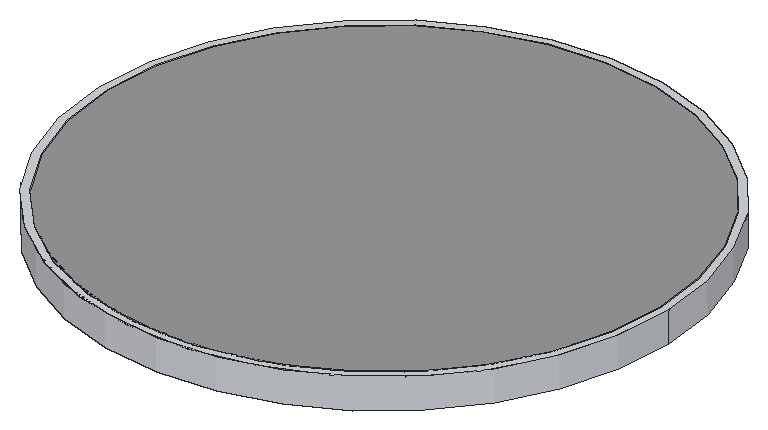
Revit family "2071281", category Lighting Fixtures, host Face, Revit 2018
Family settings
  Host = Face
  Round Connector Dimension = Use Diameter
  Part Type = Junction Box
  OmniClass Number = 23.80.70.00
  OmniClass Title = Lighting
  Cut with Voids When Loaded = No
  Light Source = Yes
  Shared = No
  Room Calculation Point = No
Parameters (values of type "2071281 COLOSSAL 1200 830 OP DIR WHT DALI")
  iner diameter = 1168 mm
  Weight = "n/a"
  Wattage Comments = ""
  Wattage = 30 W
  WarrantyStartDate [instance] = "n/a"
  WarrantyGuarantorParts = "n/a"
  WarrantyDurationUnit = "n/a"
  WarrantyDurationParts = ""
  WarrantyDescription = "http://www.sylvania-lighting.com"
  built-in parameter 1150110 = 1 (stored number, unit not read)
  Voltage = 230 V
  URL = "0.95"
  TypeName = "COLOSSAL 1200mm 830 OPAL DIR WHITE DALI"
  Type Image = <None>
  Type Comments = "n/a"
  built-in parameter 1114217 = 1 (stored number, unit not read)
  Tilt Angle = -90.00°
  built-in parameter 1150109 = 1 (stored number, unit not read)
  built-in parameter 1150134 = (empty or 0)
  built-in parameter 1150113 = 1 (stored number, unit not read)
  SerialNumber [instance] = "n/a"
  Photometric Web File = "2071281.ies"
  Material_3_SYL = LED-Sylvania
  PowerFactor = 0
  PowerConsumption = "Lighting"
  NominalLength = 1168 mm
  NominalHeight = 93 mm
  NominalDepth = 1168 mm
  Name = "COLOSSAL 1200mm 830 OPAL DIR WHITE DALI"
  ModelReference = Name  # "COLOSSAL 1200mm 830 OPAL DIR WHITE DALI"
  ModelNumber = "2071281"
  Model = Name  # "COLOSSAL 1200mm 830 OPAL DIR WHITE DALI"
  Material = "Feilo Sylvania"
  ManufacturerName = "137 lm/W"
  Manufacturer = ""
  LuminousEfficacy = ""
  built-in parameter 1150105 = 270.44 (stored number, unit not read)
  Lumens = 3398.4 lm
  LuminaireType = "0"
  built-in parameter 1150115 = 1 (stored number, unit not read)
  LightOutputRatio = "LED"
  built-in parameter 1150137 = (empty or 0)
  built-in parameter 1150139 = (empty or 0)
  LampsType = Lamp  # "n/a"
  LampNominalLuminous = "3000 K"
  LampMacAdamStep = "80"
  LampColourTemperature = "LED"
  LampColourRenderingIndex = "16500"
  built-in parameter 1150112 = 1 (stored number, unit not read)
  built-in parameter 1150114 = 1 (stored number, unit not read)
  Lamp = "n/a"
  Keynote = "n/a"
  InstallationDate [instance] = "n/a"
  InputVoltage = "0"
  InputNominalFrequency = "3000"
  built-in parameter 1150132 = (empty or 0)
  built-in parameter 1150102 = (empty or 0)
  built-in parameter 1150107 = 3000 (stored number, unit not read)
  built-in parameter 1150138 = (empty or 0)
  IngressProtection = "IfcLightFixtureType"
  ImpactProtectionIndex = "IfcLightFixtureType"
  built-in parameter 1150106 = 2.7044 (stored number, unit not read)
  IfcExportType = "IfcLightFixtureType"
  IfcExportAs = "Class I"
  Emit from Circle Diameter = 385 mm
  Emit Shape Visible in Rendering = no
  ElectricShockClassification = "137"
  built-in parameter 1150104 = 10.524 (stored number, unit not read)
  DocumentationLiterature = "http://www.sylvania-lighting.com/product/en-int/products/2071281"
  DimmingControlOptions = "n/a"
  Material_2_SYL = Polycarbonate_Sylvania_White
  Dimming Lamp Color Temperature Shift = <None>
  Description = "1200mm diameter circular architectural luminaire, can be surface mounted or suspended. Powder coated aluminium housing (RAL9016) with polycarbonate opal diffuser. Direct light distribution, 20975lm luminuous flux, 153.6W system power, 137lm/W luminiaire efficacy. DALI dimmable. Colour rendering index Ra >80, 3000K Warm White LED, chromaticity tolerance of 3-step MacAdam ellipse. IP40/IP20, IK03. 450mA drive current. Electrical protection Class1, 220-240V. Reported lifetime 66k hours L90B10."
  Default Elevation = 1219.2 mm
  CreatedOn = "23/03/2022"
  CreatedBy = "@sylvania-lighting.com"
  Cost = 0
  Color Filter = 16777215
  built-in parameter 1114216 [instance] = (empty or 0)
  ClassificationValue = "EF_70_80"
  ClassificationName = "Uniclass2015"
  Material_1_SYL = Polycarbonate_Sylvania_Opal
  BarCode [instance] = "n/a"
  built-in parameter 1114218 = 1 (stored number, unit not read)
  built-in parameter 1150133 = 10 (stored number, unit not read)
  AssetType = "Fixed"
  AssetIdentifier [instance] = "n/a"
  Assembly Code = "D5020200"
  Apparent Load = 153.6 VA
  Material_4_SYL = none
Reference planes
  plane 1 "Center (Front/Back)": y = 0
  plane 2: z = 0
  plane 3 "Center (Left/Right)": x = 0
  plane 4: z = 1.161
  plane 5: z = 16.161
  plane 6: y = 584
  plane 7: y = -584
  plane 8: x = 85
  plane 9: x = -85
  plane 10: through (0, 0, 1219.2) normal (0.5, 0.866, 0)
  plane 11: through (42.5, 73.612, 1219.2) normal (0.5, 0.866, 0)
  plane 12: through (-42.5, -73.612, 1219.2) normal (0.5, 0.866, 0)
  plane 13: through (0, 0, 1219.2) normal (0.5, -0.866, 0)
  plane 14: through (-42.5, 73.612, 1219.2) normal (0.5, -0.866, 0)
  plane 15: through (42.5, -73.612, 1219.2) normal (0.5, -0.866, 0)
  plane 16: z = 93
  plane 17: y = 584
  plane 18: y = -584
  plane 19: y = -429
  plane 20: x = -584
  plane 21: x = 584
Forms (mm)
  Extrusion 1, solid, detail levels medium+fine
    sketch origin (0, 0, 0) x (0.866025, -0.5, 0) y (0.5, 0.866025, 0)
      loop
        circle (-50, 86.603) r 22
    from 0 to 2
  Extrusion 2, solid, detail levels medium+fine
    sketch origin (0, 0, 0) x (0.866025, -0.5, 0) y (0.5, 0.866025, 0)
      loop
        circle (100, 0) r 22
      loop
        circle (-50, -86.603) r 22
    from 0 to 2
  Extrusion 3, solid, detail levels medium+fine
    sketch origin (0, 0, 0) x (1, 0, 0) y (0, 1, 0)
      loop
        circle (0, 0) r 584
    from 30 to 93
  Extrusion 4, void
    sketch origin (0, 0, 0) x (1, 0, 0) y (0, 1, 0)
      loop
        circle (0, 0) r 568
    from 96.588 to 37.292
  Extrusion 5, solid, material "Glass, White, High Luminance", detail levels fine
    sketch origin (0, 0, 0) x (1, 0, 0) y (0, 1, 0)
      loop
        circle (0, 0) r 568
    from 88.022 to 93
  Extrusion 6, solid, detail levels coarse
    sketch origin (0, 0, 0) x (1, 0, 0) y (0, 1, 0)
      loop
        line (-584, 584) -> (-584, -584) -> (584, -584) -> (584, 584) -> (-584, 584)
    from 0 to 93
  Blend 7, solid, detail levels medium+fine
    base sketch origin (-10.814, 11.299, 29.922) x (1, 0, 0) y (0, 1, 0)
      loop
        line (-402.654, -330.622) -> (397.346, -330.622) -> (482.346, -183.398) -> (82.346, 509.423) -> (-87.654, 509.423) -> (-487.654, -183.398) -> (-402.654, -330.622)
    top sketch origin (-10.814, 11.299, 29.922) x (1, 0, 0) y (0, 1, 0)
      loop
        line (-363.391, -306.496) -> (364.632, -306.496) -> (449.632, -159.272) -> (87.132, 468.597) -> (-82.868, 468.597) -> (-445.368, -159.272) -> (-363.391, -306.496)
    from 0 to -30
Cuts and joins
  Extrusion 4 cuts Extrusion 1
  Extrusion 4 cuts Extrusion 2
  Extrusion 4 cuts Extrusion 3
Lines and regions (mm)
  model lines, detail levels medium+fine
    curve 1: circle (0, 0, 0) r 155 normal (0, 0, 1)
  reference lines
    curve 2: circle (0, 0, 0) r 489 normal (0, 0, 1)
    curve 3: circle (0, 0, 0) r 521 normal (0, 0, 1)
    curve 4: line (0, 0, 0) -> (606.218, -350, 0)
    curve 5: line (0, 0, 0) -> (0, 825, 0)
    curve 6: line (0, 0, 0) -> (-623.538, -360, 0)
    curve 7: line (639.013, -270.785, 0) -> (85, 49.075, 0)
    curve 8: line (563.718, -423.612, 0) -> (0, -98.15, 0)
    curve 9: line (85, 49.075, 0) -> (85, 825, 0)
    curve 10: line (-85, 49.075, 0) -> (-85, 825, 0)
    curve 11: line (-85, 49.075, 0) -> (-666.038, -286.388, 0)
    curve 12: line (-581.038, -433.612, 0) -> (0, -98.15, 0)
Dimensions and locks
  plane 4 to level = 1.161 mm
  locked: plane 5 to plane 4 at 15
  "NominalDepth": plane 6 to plane 7
  plane 6 to plane 1 "Center (Front/Back)" to plane 7 = 584 mm, 584 mm
  "NominalHeight": level to plane 16
  equal spacing: plane 17, plane 1 "Center (Front/Back)", plane 18
  "NominalLength": plane 20 to plane 21
  equal spacing: plane 20, plane 3 "Center (Left/Right)", plane 21
  aligned and locked: plane 2 to host face
  aligned and locked: level to host face
  aligned and locked: plane 6 to Extrusion 6
Automatic sketch dimensions
  host sketch curve to host sketch curve = 2438.4 mm  (x2)
  Extrusion 1 sketch curve to plane 3 "Center (Left/Right)" = 0 mm
  Extrusion 1 sketch curve to plane 1 "Center (Front/Back)" = 100 mm
  plane 1 "Center (Front/Back)" to Extrusion 2 sketch curve = 50 mm
  Extrusion 2 sketch curve to plane 3 "Center (Left/Right)" = 86.603 mm
  Extrusion 2 sketch curve to Extrusion 2 sketch curve = 150 mm
  Extrusion 2 sketch curve to Extrusion 2 sketch curve = 86.603 mm
  plane 1 "Center (Front/Back)" to curve 1 = 0 mm
  curve 1 to plane 3 "Center (Left/Right)" = 0 mm
  plane 1 "Center (Front/Back)" to Extrusion 3 sketch curve = 0 mm
  Extrusion 3 sketch curve to plane 3 "Center (Left/Right)" = 0 mm
  plane 1 "Center (Front/Back)" to Extrusion 4 sketch curve = 0 mm
  Extrusion 4 sketch curve to plane 3 "Center (Left/Right)" = 0 mm
  plane 1 "Center (Front/Back)" to Extrusion 5 sketch curve = 0 mm
  Extrusion 5 sketch curve to plane 3 "Center (Left/Right)" = 0 mm
  curve 2 to curve 3 = 0 mm  (x2)
  curve 11 to plane 14 = 0 mm
  curve 6 to plane 13 = 0 mm
  curve 12 to plane 15 = 0 mm
  curve 10 to plane 9 = 0 mm
  curve 12 to plane 3 "Center (Left/Right)" = 0 mm
  plane 1 "Center (Front/Back)" to curve 3 = 0 mm
  curve 3 to plane 3 "Center (Left/Right)" = 0 mm
  curve 7 to plane 8 = 0 mm
  curve 11 to plane 10 = 0 mm
  curve 12 to plane 19 = 4.612 mm
  plane 19 to curve 6 = 69 mm
  plane 19 to curve 11 = 142.612 mm
  plane 19 to curve 8 = 5.388 mm
  plane 19 to curve 4 = 79 mm
  plane 19 to curve 7 = 158.215 mm
  plane 6 to curve 5 = 241 mm
  curve 10 to curve 5 = 0 mm
  curve 5 to curve 9 = 0 mm
  plane 1 "Center (Front/Back)" to curve 6 = 0 mm
  curve 6 to plane 3 "Center (Left/Right)" = 0 mm
  Extrusion 6 sketch curve to plane 7 = 0 mm
  Extrusion 6 sketch curve to plane 6 = 0 mm
  Blend 7 sketch curve to plane 6 = 756.098 mm  (x2)
  Blend 7 sketch curve to Blend 7 sketch curve = 85 mm
  plane 3 "Center (Left/Right)" to Blend 7 sketch curve = 386.532 mm
  plane 8 to Blend 7 sketch curve = 386.532 mm
  Blend 7 sketch curve to plane 6 = 63.278 mm
  Blend 7 sketch curve to plane 6 = 731.972 mm  (x2)
  Blend 7 sketch curve to Blend 7 sketch curve = 81.977 mm
  plane 3 "Center (Left/Right)" to Blend 7 sketch curve = 353.818 mm
  plane 8 to Blend 7 sketch curve = 353.818 mm
  Blend 7 sketch curve to plane 6 = 104.104 mm
  plane 12 to curve 8 = 0 mm
  plane 19 to Blend 7 sketch curve = 109.677 mm
  plane 19 to Blend 7 sketch curve = 133.803 mm
  plane 8 to Extrusion 6 sketch curve = 499 mm
  Extrusion 6 sketch curve to plane 9 = 499 mm
  Blend 7 sketch curve to plane 8 = 13.468 mm
  Blend 7 sketch curve to plane 9 = 13.468 mm
  Blend 7 sketch curve to plane 9 = 328.468 mm
  Blend 7 sketch curve to plane 8 = 8.682 mm
  Blend 7 sketch curve to plane 9 = 8.682 mm
  Blend 7 sketch curve to plane 9 = 289.205 mm
  plane 10 to curve 4 = 0 mm
  plane 11 to curve 7 = 0 mm
  curve 12 to plane 12 = 0 mm
  curve 9 to plane 11 = 0 mm
  radius of Extrusion 1 sketch curve = 22 mm
  radius of Extrusion 2 sketch curve = 22 mm  (x2)
  radius of curve 1 = 155 mm
  radius of Extrusion 3 sketch curve = 584 mm
  radius of Extrusion 4 sketch curve = 568 mm
  radius of Extrusion 5 sketch curve = 568 mm
  radius of curve 2 = 489 mm
  radius of curve 3 = 521 mm
Connectors
  electrical at (0, 0, 30)
    settings: on cut or joined group of Extrusion 3, Extrusion 4, index 1, voltage 0 V, apparent load 0 VA, apparent load phase1 0 VA, apparent load phase2 0 VA, apparent load phase3 0 VA, power factor 1, load classification "Other", number of poles 1, system type 31, power factor state 1, is connector primary yes, connector utility no, sub classification motor no, connector description ""
